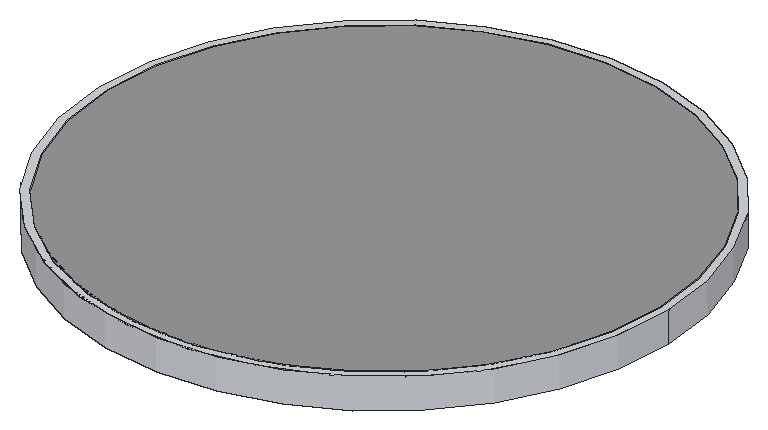
Revit family "2071318", category Lighting Fixtures, host Face, Revit 2018
Family settings
  Host = Face
  Round Connector Dimension = Use Diameter
  Part Type = Junction Box
  OmniClass Number = 23.80.70.00
  OmniClass Title = Lighting
  Cut with Voids When Loaded = No
  Light Source = Yes
  Shared = No
  Room Calculation Point = No
Parameters (values of type "2071318 COLOSSAL 1200 840 PR DIR+H WHT DALI EM")
  iner diameter = 1168 mm
  Weight = "n/a"
  Wattage Comments = ""
  Wattage = 30 W
  WarrantyStartDate [instance] = "n/a"
  WarrantyGuarantorParts = "n/a"
  WarrantyDurationUnit = "n/a"
  WarrantyDurationParts = ""
  WarrantyDescription = "http://www.sylvania-lighting.com"
  built-in parameter 1150110 = 1 (stored number, unit not read)
  Voltage = 230 V
  URL = "0.95"
  TypeName = "COLOSSAL 1200mm 840 PRISM DIR+HAL WHITE DALI EM"
  Type Image = <None>
  Type Comments = "n/a"
  built-in parameter 1114217 = 1 (stored number, unit not read)
  Tilt Angle = -90.00°
  built-in parameter 1150109 = 1 (stored number, unit not read)
  built-in parameter 1150134 = (empty or 0)
  built-in parameter 1150113 = 1 (stored number, unit not read)
  SerialNumber [instance] = "n/a"
  Photometric Web File = "2071318.ies"
  Material_3_SYL = LED-Sylvania
  PowerFactor = 0
  PowerConsumption = "Lighting"
  NominalLength = 1168 mm
  NominalHeight = 93 mm
  NominalDepth = 1168 mm
  Name = "COLOSSAL 1200mm 840 PRISM DIR+HAL WHITE DALI EM"
  ModelReference = Name  # "COLOSSAL 1200mm 840 PRISM DIR+HAL WHITE DALI EM"
  ModelNumber = "2071318"
  Model = Name  # "COLOSSAL 1200mm 840 PRISM DIR+HAL WHITE DALI EM"
  Material = "Feilo Sylvania"
  ManufacturerName = "139 lm/W"
  Manufacturer = ""
  LuminousEfficacy = ""
  built-in parameter 1150105 = 270.44 (stored number, unit not read)
  Lumens = 3398.4 lm
  LuminaireType = "0"
  built-in parameter 1150115 = 1 (stored number, unit not read)
  LightOutputRatio = "LED"
  built-in parameter 1150137 = (empty or 0)
  built-in parameter 1150139 = (empty or 0)
  LampsType = Lamp  # "n/a"
  LampNominalLuminous = "4000 K"
  LampMacAdamStep = "80"
  LampColourTemperature = "LED"
  LampColourRenderingIndex = "16500"
  built-in parameter 1150112 = 1 (stored number, unit not read)
  built-in parameter 1150114 = 1 (stored number, unit not read)
  Lamp = "n/a"
  Keynote = "n/a"
  InstallationDate [instance] = "n/a"
  InputVoltage = "0"
  InputNominalFrequency = "4000"
  built-in parameter 1150132 = (empty or 0)
  built-in parameter 1150102 = (empty or 0)
  built-in parameter 1150107 = 3000 (stored number, unit not read)
  built-in parameter 1150138 = (empty or 0)
  IngressProtection = "IfcLightFixtureType"
  ImpactProtectionIndex = "IfcLightFixtureType"
  built-in parameter 1150106 = 2.7044 (stored number, unit not read)
  IfcExportType = "IfcLightFixtureType"
  IfcExportAs = "Class I"
  Emit from Circle Diameter = 385 mm
  Emit Shape Visible in Rendering = no
  ElectricShockClassification = "139"
  built-in parameter 1150104 = 10.524 (stored number, unit not read)
  DocumentationLiterature = "http://www.sylvania-lighting.com/product/en-int/products/2071318"
  DimmingControlOptions = "n/a"
  Material_2_SYL = Polycarbonate_Sylvania_White
  Dimming Lamp Color Temperature Shift = <None>
  Description = "1200mm diameter circular architectural luminaire, can be surface mounted or suspended. Powder coated aluminium housing (RAL9016) with PMMA prismatic diffuser. Direct/indirect (halo) light distribution, 16665lm luminuous flux, 120W system power, 139lm/W luminiaire efficacy. DALI dimmable. 3 hours integrated emergency. Colour rendering index Ra >80, 4000K Neutral White LED, chromaticity tolerance of 3-step MacAdam ellipse. IP40/IP20, IK03. 350mA drive current. UGR≤19. Electrical protection Class1, 220-240V. Reported lifetime 66k hours L90B10."
  Default Elevation = 1219.2 mm
  CreatedOn = "23/03/2022"
  CreatedBy = "@sylvania-lighting.com"
  Cost = 0
  Color Filter = 16777215
  built-in parameter 1114216 [instance] = (empty or 0)
  ClassificationValue = "EF_70_80"
  ClassificationName = "Uniclass2015"
  Material_1_SYL = Polycarbonate_Sylvania_Opal
  BarCode [instance] = "n/a"
  built-in parameter 1114218 = 1 (stored number, unit not read)
  built-in parameter 1150133 = 10 (stored number, unit not read)
  AssetType = "Fixed"
  AssetIdentifier [instance] = "n/a"
  Assembly Code = "D5020200"
  Apparent Load = 120 VA
  Material_4_SYL = none
Reference planes
  plane 1 "Center (Front/Back)": y = 0
  plane 2: z = 0
  plane 3 "Center (Left/Right)": x = 0
  plane 4: z = 1.161
  plane 5: z = 16.161
  plane 6: y = 584
  plane 7: y = -584
  plane 8: x = 85
  plane 9: x = -85
  plane 10: through (0, 0, 1219.2) normal (0.5, 0.866, 0)
  plane 11: through (42.5, 73.612, 1219.2) normal (0.5, 0.866, 0)
  plane 12: through (-42.5, -73.612, 1219.2) normal (0.5, 0.866, 0)
  plane 13: through (0, 0, 1219.2) normal (0.5, -0.866, 0)
  plane 14: through (-42.5, 73.612, 1219.2) normal (0.5, -0.866, 0)
  plane 15: through (42.5, -73.612, 1219.2) normal (0.5, -0.866, 0)
  plane 16: z = 93
  plane 17: y = 584
  plane 18: y = -584
  plane 19: y = -429
  plane 20: x = -584
  plane 21: x = 584
Forms (mm)
  Extrusion 1, solid, detail levels medium+fine
    sketch origin (0, 0, 0) x (0.866025, -0.5, 0) y (0.5, 0.866025, 0)
      loop
        circle (-50, 86.603) r 22
    from 0 to 2
  Extrusion 2, solid, detail levels medium+fine
    sketch origin (0, 0, 0) x (0.866025, -0.5, 0) y (0.5, 0.866025, 0)
      loop
        circle (100, 0) r 22
      loop
        circle (-50, -86.603) r 22
    from 0 to 2
  Extrusion 3, solid, detail levels medium+fine
    sketch origin (0, 0, 0) x (1, 0, 0) y (0, 1, 0)
      loop
        circle (0, 0) r 584
    from 30 to 93
  Extrusion 4, void
    sketch origin (0, 0, 0) x (1, 0, 0) y (0, 1, 0)
      loop
        circle (0, 0) r 568
    from 96.588 to 37.292
  Extrusion 5, solid, material "Glass, White, High Luminance", detail levels fine
    sketch origin (0, 0, 0) x (1, 0, 0) y (0, 1, 0)
      loop
        circle (0, 0) r 568
    from 88.022 to 93
  Extrusion 6, solid, detail levels coarse
    sketch origin (0, 0, 0) x (1, 0, 0) y (0, 1, 0)
      loop
        line (-584, 584) -> (-584, -584) -> (584, -584) -> (584, 584) -> (-584, 584)
    from 0 to 93
  Blend 7, solid, detail levels medium+fine
    base sketch origin (-10.814, 11.299, 29.922) x (1, 0, 0) y (0, 1, 0)
      loop
        line (-402.654, -330.622) -> (397.346, -330.622) -> (482.346, -183.398) -> (82.346, 509.423) -> (-87.654, 509.423) -> (-487.654, -183.398) -> (-402.654, -330.622)
    top sketch origin (-10.814, 11.299, 29.922) x (1, 0, 0) y (0, 1, 0)
      loop
        line (-363.391, -306.496) -> (364.632, -306.496) -> (449.632, -159.272) -> (87.132, 468.597) -> (-82.868, 468.597) -> (-445.368, -159.272) -> (-363.391, -306.496)
    from 0 to -30
Cuts and joins
  Extrusion 4 cuts Extrusion 1
  Extrusion 4 cuts Extrusion 2
  Extrusion 4 cuts Extrusion 3
Lines and regions (mm)
  model lines, detail levels medium+fine
    curve 1: circle (0, 0, 0) r 155 normal (0, 0, 1)
  reference lines
    curve 2: circle (0, 0, 0) r 489 normal (0, 0, 1)
    curve 3: circle (0, 0, 0) r 521 normal (0, 0, 1)
    curve 4: line (0, 0, 0) -> (606.218, -350, 0)
    curve 5: line (0, 0, 0) -> (0, 825, 0)
    curve 6: line (0, 0, 0) -> (-623.538, -360, 0)
    curve 7: line (639.013, -270.785, 0) -> (85, 49.075, 0)
    curve 8: line (563.718, -423.612, 0) -> (0, -98.15, 0)
    curve 9: line (85, 49.075, 0) -> (85, 825, 0)
    curve 10: line (-85, 49.075, 0) -> (-85, 825, 0)
    curve 11: line (-85, 49.075, 0) -> (-666.038, -286.388, 0)
    curve 12: line (-581.038, -433.612, 0) -> (0, -98.15, 0)
Dimensions and locks
  plane 4 to level = 1.161 mm
  locked: plane 5 to plane 4 at 15
  "NominalDepth": plane 6 to plane 7
  plane 6 to plane 1 "Center (Front/Back)" to plane 7 = 584 mm, 584 mm
  "NominalHeight": level to plane 16
  equal spacing: plane 17, plane 1 "Center (Front/Back)", plane 18
  "NominalLength": plane 20 to plane 21
  equal spacing: plane 20, plane 3 "Center (Left/Right)", plane 21
  aligned and locked: plane 2 to host face
  aligned and locked: level to host face
  aligned and locked: plane 6 to Extrusion 6
Automatic sketch dimensions
  host sketch curve to host sketch curve = 2438.4 mm  (x2)
  Extrusion 1 sketch curve to plane 3 "Center (Left/Right)" = 0 mm
  Extrusion 1 sketch curve to plane 1 "Center (Front/Back)" = 100 mm
  plane 1 "Center (Front/Back)" to Extrusion 2 sketch curve = 50 mm
  Extrusion 2 sketch curve to plane 3 "Center (Left/Right)" = 86.603 mm
  Extrusion 2 sketch curve to Extrusion 2 sketch curve = 150 mm
  Extrusion 2 sketch curve to Extrusion 2 sketch curve = 86.603 mm
  plane 1 "Center (Front/Back)" to curve 1 = 0 mm
  curve 1 to plane 3 "Center (Left/Right)" = 0 mm
  plane 1 "Center (Front/Back)" to Extrusion 3 sketch curve = 0 mm
  Extrusion 3 sketch curve to plane 3 "Center (Left/Right)" = 0 mm
  plane 1 "Center (Front/Back)" to Extrusion 4 sketch curve = 0 mm
  Extrusion 4 sketch curve to plane 3 "Center (Left/Right)" = 0 mm
  plane 1 "Center (Front/Back)" to Extrusion 5 sketch curve = 0 mm
  Extrusion 5 sketch curve to plane 3 "Center (Left/Right)" = 0 mm
  curve 2 to curve 3 = 0 mm  (x2)
  curve 11 to plane 14 = 0 mm
  curve 6 to plane 13 = 0 mm
  curve 12 to plane 15 = 0 mm
  curve 10 to plane 9 = 0 mm
  curve 12 to plane 3 "Center (Left/Right)" = 0 mm
  plane 1 "Center (Front/Back)" to curve 3 = 0 mm
  curve 3 to plane 3 "Center (Left/Right)" = 0 mm
  curve 7 to plane 8 = 0 mm
  curve 11 to plane 10 = 0 mm
  curve 12 to plane 19 = 4.612 mm
  plane 19 to curve 6 = 69 mm
  plane 19 to curve 11 = 142.612 mm
  plane 19 to curve 8 = 5.388 mm
  plane 19 to curve 4 = 79 mm
  plane 19 to curve 7 = 158.215 mm
  plane 6 to curve 5 = 241 mm
  curve 10 to curve 5 = 0 mm
  curve 5 to curve 9 = 0 mm
  plane 1 "Center (Front/Back)" to curve 6 = 0 mm
  curve 6 to plane 3 "Center (Left/Right)" = 0 mm
  Extrusion 6 sketch curve to plane 7 = 0 mm
  Extrusion 6 sketch curve to plane 6 = 0 mm
  Blend 7 sketch curve to plane 6 = 756.098 mm  (x2)
  Blend 7 sketch curve to Blend 7 sketch curve = 85 mm
  plane 3 "Center (Left/Right)" to Blend 7 sketch curve = 386.532 mm
  plane 8 to Blend 7 sketch curve = 386.532 mm
  Blend 7 sketch curve to plane 6 = 63.278 mm
  Blend 7 sketch curve to plane 6 = 731.972 mm  (x2)
  Blend 7 sketch curve to Blend 7 sketch curve = 81.977 mm
  plane 3 "Center (Left/Right)" to Blend 7 sketch curve = 353.818 mm
  plane 8 to Blend 7 sketch curve = 353.818 mm
  Blend 7 sketch curve to plane 6 = 104.104 mm
  plane 12 to curve 8 = 0 mm
  plane 19 to Blend 7 sketch curve = 109.677 mm
  plane 19 to Blend 7 sketch curve = 133.803 mm
  plane 8 to Extrusion 6 sketch curve = 499 mm
  Extrusion 6 sketch curve to plane 9 = 499 mm
  Blend 7 sketch curve to plane 8 = 13.468 mm
  Blend 7 sketch curve to plane 9 = 13.468 mm
  Blend 7 sketch curve to plane 9 = 328.468 mm
  Blend 7 sketch curve to plane 8 = 8.682 mm
  Blend 7 sketch curve to plane 9 = 8.682 mm
  Blend 7 sketch curve to plane 9 = 289.205 mm
  plane 10 to curve 4 = 0 mm
  plane 11 to curve 7 = 0 mm
  curve 12 to plane 12 = 0 mm
  curve 9 to plane 11 = 0 mm
  radius of Extrusion 1 sketch curve = 22 mm
  radius of Extrusion 2 sketch curve = 22 mm  (x2)
  radius of curve 1 = 155 mm
  radius of Extrusion 3 sketch curve = 584 mm
  radius of Extrusion 4 sketch curve = 568 mm
  radius of Extrusion 5 sketch curve = 568 mm
  radius of curve 2 = 489 mm
  radius of curve 3 = 521 mm
Connectors
  electrical at (0, 0, 30)
    settings: on cut or joined group of Extrusion 3, Extrusion 4, index 1, voltage 0 V, apparent load 0 VA, apparent load phase1 0 VA, apparent load phase2 0 VA, apparent load phase3 0 VA, power factor 1, load classification "Other", number of poles 1, system type 31, power factor state 1, is connector primary yes, connector utility no, sub classification motor no, connector description ""
